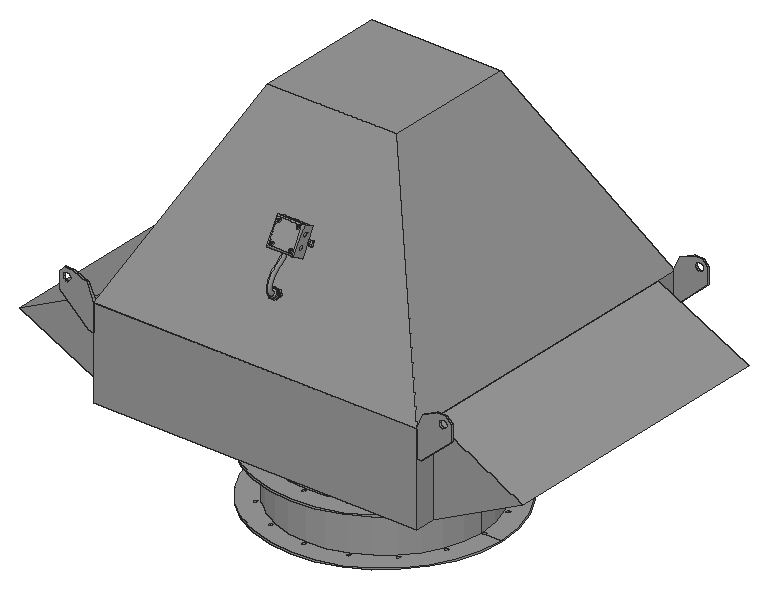
Revit family "VKDV_Eng", category Оборудование, Revit 2021
Family settings
  Размер круглого соединителя = Использовать диаметр
  Классификация = Нет
  Тип детали = Нормальный
  На основе рабочей плоскости = Нет
  Всегда вертикально = Да
  При загрузке вырезать с полостями = Нет
  Общий = Нет
  Точка принадлежности помещению = Нет
Parameters (values of type "VKDV 900-600-7,5/970")
  Width = L3  # 1200 mm
  Weight = 380.00 kg
  Voltage = 400 V  # constant formula
  Pressure_Static_Air [instance] = 0.0 Pa
  Power = 7500 W
  Number of Fase = 3  # constant formula
  Maximum Air Flow = 0.0 m³/h
  Load Classification = "HVAC"
  Length = L1  # 1871 mm
  Height = H  # 1398 mm
  Frequency = 50 Hz  # constant formula
  Diameter = Dy  # 713 mm
  Отметка по умолчанию = 0 mm
  Изготовитель = "Vents"  # constant formula
  n = 16
  l4 = 394 mm
  l333 = L3 / 2  # 600 mm
  l33 = L3 - 150 mm  # 1050 mm
  l3 = L3 / 2 - 0.1 * L3  # 480 mm
  h4 = H - (H - H3) / 2  # 1048.5 mm
  h2 = 248.333 mm
  h1 = H1 / 2  # 181.5 mm
  d1 = 12 mm
  URL = "https://ventilation-system.com/series/vkdv"
  Ry = Dy / 2  # 356.5 mm
  Rn = Dn / 2  # 361.5 mm
  R2 = D2 / 2  # 437 mm
  R1 = D1 / 2  # 375.5 mm
  Maintenance zone material = none
  L3 = 1200 mm
  L1 = 1871 mm
  H4 = H1 + (H3 - H1) / 2  # 531 mm
  H3 = H / 2  # 699 mm
  H1 = 363 mm
  H = 1398 mm
  Dy = 713 mm
  Dn = Dy + 10 mm  # 723 mm
  D2 = 874 mm
  D1 = 751 mm
  Casing Material = Metal, painted, blue, matte RAL 5007
  Amperage = 15.7 A
  Air Flow [instance] = 0.0 m³/h
  09_System_Name [instance] = ""
  00_20_Type = "VKDV 900-600-7,5/970"
  00_20_Name = "Roof-mounted smoke removal fan"  # constant formula
  00_20_Manufacturer = "Vents"  # constant formula
Types (39, lengths in mm): name | Width | Weight | Power | Length | Height | Diameter | n | l4 | l333 | l33 | l3 | h4 | h1 | d1 | Ry | Rn | R2 | R1 | L3 | L1 | H4 | H3 | H1 | H | Dy | Dn | D2 | D1 | Amperage | 00_20_Type
  (no name) | 1200 | 380.00 kg | 7500 W | 1871 | 1398 | 713 | 16 | 394 | 600 | 1050 | 480 | 1048.5 | 181.5 | 12 | 356.5 | 361.5 | 437 | 375.5 | 1200 | 1871 | 531 | 699 | 363 | 1398 | 713 | 723 | 874 | 751 | 15.7 A | "VKDV 900-600-7,5/970"
  VKDV 630-600-1,5/930 | 955 | 200.00 kg | 1500 W | 1424 | 1038 | 503 | 12 | 310 | 477.5 | 805 | 382 | 778.5 | 151 | 10 | 251.5 | 256.5 | 317 | 270.5 | 955 | 1424 | 410.5 | 519 | 302 | 1038 | 503 | 513 | 634 | 541 | 3.7 A | "VKDV 630-600-1,5/930"
  VKDV 1100-600-37/980 | 1430 | 930.00 kg | 37000 W | 2236 | 1773 | 903 | 24 | 474 | 715 | 1280 | 572 | 1329.75 | 220.5 | 12 | 451.5 | 456.5 | 537.5 | 467 | 1430 | 2236 | 663.75 | 886.5 | 441 | 1773 | 903 | 913 | 1075 | 934 | 70 A | "VKDV 1100-600-37/980"
  VKDV 630-600-2,2/940 | 955 | 210.00 kg | 2200 W | 1424 | 1038 | 503 | 12 | 310 | 477.5 | 805 | 382 | 778.5 | 213 | 10 | 251.5 | 256.5 | 317 | 270.5 | 955 | 1424 | 472.5 | 519 | 426 | 1038 | 503 | 513 | 634 | 541 | 5.6 A | "VKDV 630-600-2,2/940"
  VKDV 630-600-3/960 | 955 | 225.00 kg | 3000 W | 1424 | 1043 | 503 | 12 | 310 | 477.5 | 805 | 382 | 782.25 | 153.5 | 10 | 251.5 | 256.5 | 317 | 270.5 | 955 | 1424 | 414.25 | 521.5 | 307 | 1043 | 503 | 513 | 634 | 541 | 7.4 A | "VKDV 630-600-3/960"
  VKDV 630-600-4/1440 | 955 | 216.00 kg | 4000 W | 1424 | 1038 | 503 | 12 | 310 | 477.5 | 805 | 382 | 778.5 | 151 | 10 | 251.5 | 256.5 | 317 | 270.5 | 955 | 1424 | 410.5 | 519 | 302 | 1038 | 503 | 513 | 634 | 541 | 8.8 A | "VKDV 630-600-4/1440"
  VKDV 630-600-5,5/1450 | 955 | 230.00 kg | 5500 W | 1424 | 1043 | 503 | 12 | 310 | 477.5 | 805 | 382 | 782.25 | 153.5 | 10 | 251.5 | 256.5 | 317 | 270.5 | 955 | 1424 | 414.25 | 521.5 | 307 | 1043 | 503 | 513 | 634 | 541 | 11.3 A | "VKDV 630-600-5,5/1450"
  VKDV 630-600-7,5/1440 | 955 | 255.00 kg | 7500 W | 1424 | 1134 | 503 | 12 | 310 | 477.5 | 805 | 382 | 850.5 | 153.5 | 10 | 251.5 | 256.5 | 317 | 270.5 | 955 | 1424 | 437 | 567 | 307 | 1134 | 503 | 513 | 634 | 541 | 15.5 A | "VKDV 630-600-7,5/1440"
  VKDV 710-600-2,2/940 | 1040 | 242.00 kg | 2200 W | 1508 | 1181 | 633 | 16 | 339 | 520 | 890 | 416 | 885.75 | 158.5 | 12 | 316.5 | 321.5 | 365 | 337 | 1040 | 1508 | 453.75 | 590.5 | 317 | 1181 | 633 | 643 | 730 | 674 | 5.3 A | "VKDV 710-600-2,2/940"
  VKDV 710-600-3/960 | 1040 | 252.00 kg | 3000 W | 1508 | 1186 | 633 | 16 | 339 | 520 | 890 | 416 | 889.5 | 161 | 12 | 316.5 | 321.5 | 365 | 337 | 1040 | 1508 | 457.5 | 593 | 322 | 1186 | 633 | 643 | 730 | 674 | 7.4 A | "VKDV 710-600-3/960"
  VKDV 710-600-4/950 | 1040 | 253.00 kg | 4000 W | 1508 | 1186 | 633 | 16 | 339 | 520 | 890 | 416 | 889.5 | 161 | 12 | 316.5 | 321.5 | 365 | 337 | 1040 | 1508 | 457.5 | 593 | 322 | 1186 | 633 | 643 | 730 | 674 | 8.4 A | "VKDV 710-600-4/950"
  VKDV 710-600-5,5/960 | 1040 | 280.00 kg | 5500 W | 1508 | 1186 | 633 | 16 | 339 | 520 | 890 | 416 | 889.5 | 161 | 12 | 316.5 | 321.5 | 365 | 337 | 1040 | 1508 | 457.5 | 593 | 322 | 1186 | 633 | 643 | 730 | 674 | 11.2 A | "VKDV 710-600-5,5/960"
  VKDV 710-600-7,5/1455 | 1040 | 281.00 kg | 7500 W | 1508 | 1186 | 633 | 16 | 339 | 520 | 890 | 416 | 889.5 | 161 | 12 | 316.5 | 321.5 | 365 | 337 | 1040 | 1508 | 457.5 | 593 | 322 | 1186 | 633 | 643 | 730 | 674 | 15.1 A | "VKDV 710-600-7,5/1455"
  VKDV 710-600-11/1460 | 1040 | 292.00 kg | 11000 W | 1508 | 1186 | 633 | 16 | 339 | 520 | 890 | 416 | 889.5 | 161 | 12 | 316.5 | 321.5 | 365 | 337 | 1040 | 1508 | 457.5 | 593 | 322 | 1186 | 633 | 643 | 730 | 674 | 21.2 A | "VKDV 710-600-11/1460"
  VKDV 800-600-4/960 | 1040 | 286.00 kg | 4000 W | 1543 | 1239 | 633 | 16 | 339 | 520 | 890 | 416 | 929.25 | 172.5 | 12 | 316.5 | 321.5 | 392 | 337 | 1040 | 1543 | 482.25 | 619.5 | 345 | 1239 | 633 | 643 | 784 | 674 | 9.2 A | "VKDV 800-600-4/960"
  VKDV 800-600-5,5/950 | 1040 | 305.00 kg | 5500 W | 1543 | 1239 | 633 | 16 | 339 | 520 | 890 | 416 | 929.25 | 172.5 | 12 | 316.5 | 321.5 | 392 | 337 | 1040 | 1543 | 482.25 | 619.5 | 345 | 1239 | 633 | 643 | 784 | 674 | 12.3 A | "VKDV 800-600-5,5/950"
  VKDV 800-600-7,5/970 | 1040 | 312.00 kg | 7500 W | 1543 | 1239 | 633 | 16 | 339 | 520 | 890 | 416 | 929.25 | 172.5 | 12 | 316.5 | 321.5 | 392 | 337 | 1040 | 1543 | 482.25 | 619.5 | 345 | 1239 | 633 | 643 | 784 | 674 | 15.7 A | "VKDV 800-600-7,5/970"
  VKDV 800-600-11/960 | 1040 | 390.00 kg | 11000 W | 1543 | 1335 | 633 | 16 | 338 | 520 | 890 | 416 | 1001.25 | 177.5 | 12 | 316.5 | 321.5 | 392 | 337 | 1040 | 1543 | 511.25 | 667.5 | 355 | 1335 | 633 | 643 | 784 | 674 | 21.2 A | "VKDV 800-600-11/960"
  VKDV 800-600-15/1460 | 1040 | 390.00 kg | 15000 W | 1543 | 1335 | 633 | 16 | 338 | 520 | 890 | 416 | 1001.25 | 177.5 | 12 | 316.5 | 321.5 | 392 | 337 | 1040 | 1543 | 511.25 | 667.5 | 355 | 1335 | 633 | 643 | 784 | 674 | 29.5 A | "VKDV 800-600-15/1460"
  VKDV 800-600-18,5/1470 | 1040 | 395.00 kg | 18500 W | 1543 | 1335 | 633 | 16 | 338 | 520 | 890 | 416 | 1001.25 | 177.5 | 12 | 316.5 | 321.5 | 392 | 337 | 1040 | 1543 | 511.25 | 667.5 | 355 | 1335 | 633 | 643 | 784 | 674 | 36.4 A | "VKDV 800-600-18,5/1470"
  VKDV 900-600-4/720 | 1200 | 376.00 kg | 4000 W | 1871 | 1379 | 713 | 16 | 394 | 600 | 1050 | 480 | 1034.25 | 181.5 | 12 | 356.5 | 361.5 | 437 | 375.5 | 1200 | 1871 | 526.25 | 689.5 | 363 | 1379 | 713 | 723 | 874 | 751 | 10 A | "VKDV 900-600-4/720"
  VKDV 900-600-5,5/960 | 1200 | 376.00 kg | 5500 W | 1871 | 1398 | 713 | 16 | 394 | 600 | 1050 | 480 | 1048.5 | 181.5 | 12 | 356.5 | 361.5 | 437 | 375.5 | 1200 | 1871 | 531 | 699 | 363 | 1398 | 713 | 723 | 874 | 751 | 12.3 A | "VKDV 900-600-5,5/960"
  VKDV 900-600-7,5/970 | 1200 | 380.00 kg | 7500 W | 1871 | 1398 | 713 | 16 | 394 | 600 | 1050 | 480 | 1048.5 | 181.5 | 12 | 356.5 | 361.5 | 437 | 375.5 | 1200 | 1871 | 531 | 699 | 363 | 1398 | 713 | 723 | 874 | 751 | 15.7 A | "VKDV 900-600-7,5/970"
  VKDV 900-600-11/970 | 1200 | 418.00 kg | 11000 W | 1871 | 1398 | 713 | 16 | 394 | 600 | 1050 | 480 | 1048.5 | 186 | 12 | 356.5 | 361.5 | 437 | 375.5 | 1200 | 1871 | 535.5 | 699 | 372 | 1398 | 713 | 723 | 874 | 751 | 23 A | "VKDV 900-600-11/970"
  VKDV 900-600-15/960 | 1200 | 433.00 kg | 15000 W | 1871 | 1398 | 713 | 16 | 394 | 600 | 1050 | 480 | 1048.5 | 186 | 12 | 356.5 | 361.5 | 437 | 375.5 | 1200 | 1871 | 535.5 | 699 | 372 | 1398 | 713 | 723 | 874 | 751 | 31 A | "VKDV 900-600-15/960"
  VKDV 900-600-18,5/960 | 1200 | 482.00 kg | 18500 W | 1871 | 1491 | 713 | 16 | 394 | 600 | 1050 | 480 | 1118.25 | 186 | 12 | 356.5 | 361.5 | 437 | 375.5 | 1200 | 1871 | 558.75 | 745.5 | 372 | 1491 | 713 | 723 | 874 | 751 | 36.4 A | "VKDV 900-600-18,5/960"
  VKDV 900-600-22/960 | 1200 | 566.00 kg | 22000 W | 1871 | 1565 | 713 | 16 | 394 | 600 | 1050 | 480 | 1173.75 | 186 | 12 | 356.5 | 361.5 | 437 | 375.5 | 1200 | 1871 | 577.25 | 782.5 | 372 | 1565 | 713 | 723 | 874 | 751 | 44 A | "VKDV 900-600-22/960"
  VKDV 1000-600-5,5/720 | 1430 | 467.00 kg | 5500 W | 2111 | 1365 | 803 | 24 | 473 | 715 | 1280 | 572 | 1023.75 | 199 | 12 | 401.5 | 406.5 | 487 | 418.5 | 1430 | 2111 | 540.25 | 682.5 | 398 | 1365 | 803 | 813 | 974 | 837 | 13.6 A | "VKDV 1000-600-5,5/720"
  VKDV 1000-600-7,5/730 | 1430 | 588.00 kg | 7500 W | 2111 | 1573 | 803 | 24 | 476 | 715 | 1280 | 572 | 1179.75 | 201.5 | 12 | 401.5 | 406.5 | 487 | 418.5 | 1430 | 2111 | 594.75 | 786.5 | 403 | 1573 | 803 | 813 | 974 | 837 | 18 A | "VKDV 1000-600-7,5/730"
  VKDV 1000-600-11/970 | 1430 | 590.00 kg | 11000 W | 2111 | 1573 | 803 | 24 | 476 | 715 | 1280 | 572 | 1179.75 | 201.5 | 12 | 401.5 | 406.5 | 487 | 418.5 | 1430 | 2111 | 594.75 | 786.5 | 403 | 1573 | 803 | 813 | 974 | 837 | 23 A | "VKDV 1000-600-11/970"
  VKDV 1000-600-15/970 | 1430 | 595.00 kg | 15000 W | 2111 | 1573 | 803 | 24 | 476 | 715 | 1280 | 572 | 1179.75 | 201.5 | 12 | 401.5 | 406.5 | 487 | 418.5 | 1430 | 2111 | 594.75 | 786.5 | 403 | 1573 | 803 | 813 | 974 | 837 | 31 A | "VKDV 1000-600-15/970"
  VKDV 1000-600-18,5/970 | 1430 | 639.00 kg | 18500 W | 2111 | 1573 | 803 | 24 | 476 | 715 | 1280 | 572 | 1179.75 | 201.5 | 12 | 401.5 | 406.5 | 487 | 418.5 | 1430 | 2111 | 594.75 | 786.5 | 403 | 1573 | 803 | 813 | 974 | 837 | 36.5 A | "VKDV 1000-600-18,5/970"
  VKDV 1000-600-22/970 | 1430 | 670.00 kg | 22000 W | 2111 | 1573 | 803 | 24 | 476 | 715 | 1280 | 572 | 1179.75 | 201.5 | 12 | 401.5 | 406.5 | 487 | 418.5 | 1430 | 2111 | 594.75 | 786.5 | 403 | 1573 | 803 | 813 | 974 | 837 | 44.6 A | "VKDV 1000-600-22/970"
  VKDV 1000-600-30/970 | 1430 | 690.00 kg | 30000 W | 2111 | 1573 | 803 | 24 | 476 | 715 | 1280 | 572 | 1179.75 | 201.5 | 12 | 401.5 | 406.5 | 487 | 418.5 | 1430 | 2111 | 594.75 | 786.5 | 403 | 1573 | 803 | 813 | 974 | 837 | 59.6 A | "VKDV 1000-600-30/970"
  VKDV 1100-600-11/730 | 1430 | 720.00 kg | 11000 W | 2236 | 1721 | 903 | 24 | 474 | 715 | 1280 | 572 | 1290.75 | 220.5 | 12 | 451.5 | 456.5 | 537.5 | 467 | 1430 | 2236 | 650.75 | 860.5 | 441 | 1721 | 903 | 913 | 1075 | 934 | 25.1 A | "VKDV 1100-600-11/730"
  VKDV 1100-600-15/730 | 1430 | 775.00 kg | 15000 W | 2236 | 1721 | 903 | 24 | 474 | 715 | 1280 | 572 | 1290.75 | 220.5 | 12 | 451.5 | 456.5 | 537.5 | 467 | 1430 | 2236 | 650.75 | 860.5 | 441 | 1721 | 903 | 913 | 1075 | 934 | 32.3 A | "VKDV 1100-600-15/730"
  VKDV 1100-600-18,5/970 | 1430 | 763.00 kg | 18500 W | 2236 | 1721 | 903 | 24 | 474 | 715 | 1280 | 572 | 1290.75 | 220.5 | 12 | 451.5 | 456.5 | 537.5 | 467 | 1430 | 2236 | 650.75 | 860.5 | 441 | 1721 | 903 | 913 | 1075 | 934 | 36.5 A | "VKDV 1100-600-18,5/970"
  VKDV 1100-600-22/970 | 1430 | 794.00 kg | 22000 W | 2236 | 1721 | 903 | 24 | 474 | 715 | 1280 | 572 | 1290.75 | 220.5 | 12 | 451.5 | 456.5 | 537.5 | 467 | 1430 | 2236 | 650.75 | 860.5 | 441 | 1721 | 903 | 913 | 1075 | 934 | 44.6 A | "VKDV 1100-600-22/970"
  VKDV 1100-600-30/970 | 1430 | 812.00 kg | 30000 W | 2236 | 1721 | 903 | 24 | 474 | 715 | 1280 | 572 | 1290.75 | 220.5 | 12 | 451.5 | 456.5 | 537.5 | 467 | 1430 | 2236 | 650.75 | 860.5 | 441 | 1721 | 903 | 913 | 1075 | 934 | 59.6 A | "VKDV 1100-600-30/970"
Reference planes
  plane 1 "По центру (Вперед/Назад)": y = 0
  plane 2: z = 0
  plane 3 "По центру (Влево/Вправо)": x = 0
Forms (mm)
  Revolve 1, solid, material "Metal, painted, blue, matte RAL 5007" <- "Casing Material"
    sketch origin (0, 0, 0) x (1, 0, 0) y (0, 0, 1)
      loop
        line (356.5, 0) -> (437, 0) -> (437, 5) -> (361.5, 5) -> (361.5, 176.5) -> (437, 176.5) -> (437, 181.5) -> (361.5, 181.5) -> (361.5, 358) -> (437, 358) -> (437, 363) -> (356.5, 363) -> (356.5, 0)
      axis (0, 363) -> (0, 0)
    angle from 0 to 360
  Extrusion 2, void
    sketch origin (0, -127.601, 0) x (1, 0, 0) y (0, 1, 0)
      loop
        circle (0, 503.101) r 6
    from 0 to 363 <- "H1"
  Extrusion 3, void
    sketch origin (-48.831, -117.888, 0) x (0.92388, -0.382683, 0) y (0.382683, 0.92388, 0)
      loop
        circle (0, 503.101) r 6
    from 0 to 363 <- "H1"
  Extrusion 4, void
    sketch origin (48.831, -117.888, 0) x (0.92388, 0.382683, 0) y (-0.382683, 0.92388, 0)
      loop
        circle (0, 503.101) r 6
    from 0 to 363 <- "H1"
  Extrusion 5, void
    sketch origin (90.228, -90.228, 0) x (0.707107, 0.707107, 0) y (-0.707107, 0.707107, 0)
      loop
        circle (0, 503.101) r 6
    from 0 to 363 <- "H1"
  Extrusion 6, void
    sketch origin (117.888, -48.831, 0) x (0.382683, 0.92388, 0) y (-0.92388, 0.382683, 0)
      loop
        circle (0, 503.101) r 6
    from 0 to 363 <- "H1"
  Extrusion 7, void
    sketch origin (127.601, 0, 0) x (0, 1, 0) y (-1, 0, 0)
      loop
        circle (0, 503.101) r 6
    from 0 to 363 <- "H1"
  Extrusion 8, void
    sketch origin (117.888, 48.831, 0) x (-0.382683, 0.92388, 0) y (-0.92388, -0.382683, 0)
      loop
        circle (0, 503.101) r 6
    from 0 to 363 <- "H1"
  Extrusion 9, void
    sketch origin (90.228, 90.228, 0) x (-0.707107, 0.707107, 0) y (-0.707107, -0.707107, 0)
      loop
        circle (0, 503.101) r 6
    from 0 to 363 <- "H1"
  Extrusion 10, void
    sketch origin (48.831, 117.888, 0) x (-0.92388, 0.382683, 0) y (-0.382683, -0.92388, 0)
      loop
        circle (0, 503.101) r 6
    from 0 to 363 <- "H1"
  Extrusion 11, void
    sketch origin (0, 127.601, 0) x (-1, 0, 0) y (0, -1, 0)
      loop
        circle (0, 503.101) r 6
    from 0 to 363 <- "H1"
  Extrusion 12, void
    sketch origin (-48.831, 117.888, 0) x (-0.92388, -0.382683, 0) y (0.382683, -0.92388, 0)
      loop
        circle (0, 503.101) r 6
    from 0 to 363 <- "H1"
  Extrusion 13, void
    sketch origin (-90.228, 90.228, 0) x (-0.707107, -0.707107, 0) y (0.707107, -0.707107, 0)
      loop
        circle (0, 503.101) r 6
    from 0 to 363 <- "H1"
  Extrusion 14, solid, material "Metal, painted, blue, matte RAL 5007" <- "Casing Material"
    sketch origin (0, 0, 0) x (1, 0, 0) y (0, 1, 0)
      loop
        line (-600, 600) -> (-600, -600) -> (600, -600) -> (600, 600) -> (-600, 600)
    from 363 <- "H1" to 699 <- "H3"
  Blend 15, solid, material "Metal, painted, blue, matte RAL 5007" <- "Casing Material"
    base sketch origin (0, 0, 0) x (1, 0, 0) y (0, 1, 0)
      loop
        line (-600, 600) -> (-600, -600) -> (600, -600) -> (600, 600) -> (-600, 600)
    top sketch origin (0, 0, 0) x (1, 0, 0) y (0, 1, 0)
      loop
        line (-240, 240) -> (-240, -240) -> (240, -240) -> (240, 240) -> (-240, 240)
    from 699 <- "H3" to 1398 <- "H"
  Extrusion 16, solid, material "Metal, painted, blue, matte RAL 5007" <- "Casing Material"
    sketch origin (0, 0, 0) x (1, 0, 0) y (0, 0, 1)
      loop
        line (600, 363) -> (935.5, 531) -> (600, 699) -> (600, 363)
      loop
        line (-600, 363) -> (-600, 699) -> (-935.5, 531) -> (-600, 363)
    from -525 to 525
  Extrusion 17, void
    sketch origin (-117.888, 48.831, 0) x (-0.382683, -0.92388, 0) y (0.92388, -0.382683, 0)
      loop
        circle (0, 503.101) r 6
    from 0 to 363 <- "H1"
  Extrusion 18, void
    sketch origin (-127.601, 0, 0) x (0, -1, 0) y (1, 0, 0)
      loop
        circle (0, 503.101) r 6
    from 0 to 363 <- "H1"
  Extrusion 19, void
    sketch origin (-117.888, -48.831, 0) x (0.382683, -0.92388, 0) y (0.92388, 0.382683, 0)
      loop
        circle (0, 503.101) r 6
    from 0 to 363 <- "H1"
  Extrusion 20, void
    sketch origin (-90.228, -90.228, 0) x (0.707107, -0.707107, 0) y (0.707107, 0.707107, 0)
      loop
        circle (0, 503.101) r 6
    from 0 to 363 <- "H1"
Cuts and joins
  Extrusion 2, Extrusion 3, Extrusion 4, Extrusion 5, Extrusion 6, Extrusion 7, Extrusion 8, Extrusion 9, Extrusion 10, Extrusion 11, Extrusion 12, Extrusion 13, Extrusion 17, Extrusion 18, Extrusion 19, Extrusion 20 cuts Revolve 1
  Extrusion 17 cuts Extrusion 14
Dimensions and locks
  Revolve 1 sketch curve to Revolve 1 sketch curve = 5 mm  (x3)
  "R2": Revolve 1 sketch curve to plane 3 "По центру (Влево/Вправо)"  (x3)
  "H1": level to Revolve 1 sketch curve
  "Ry": Revolve 1 sketch curve to plane 3 "По центру (Влево/Вправо)"
  "Rn": plane 3 "По центру (Влево/Вправо)" to Revolve 1 sketch curve  (x2)
  "h1": Revolve 1 sketch curve to Revolve 1 sketch curve
  equal spacing: Extrusion 14 sketch curve, plane 1 "По центру (Вперед/Назад)", Extrusion 14 sketch curve
  "L3": Extrusion 14 sketch curve to Extrusion 14 sketch curve  (x2)
  equal spacing: Extrusion 14 sketch curve, plane 3 "По центру (Влево/Вправо)", Extrusion 14 sketch curve
  equal spacing: Blend 15 sketch curve, plane 3 "По центру (Влево/Вправо)", Blend 15 sketch curve  (x2)
  "L3": Blend 15 sketch curve to Blend 15 sketch curve  (x2)
  equal spacing: Blend 15 sketch curve, plane 1 "По центру (Вперед/Назад)", Blend 15 sketch curve  (x2)
  "l3": Blend 15 sketch curve to Blend 15 sketch curve  (x2)
  equal spacing: Extrusion 16 sketch curve, plane 3 "По центру (Влево/Вправо)", Extrusion 16 sketch curve  (x2)
  "H3": Extrusion 16 sketch curve to level  (x2)
  "H1": Extrusion 16 sketch curve to level  (x2)
  "L3": Extrusion 16 sketch curve to Extrusion 16 sketch curve
  "H4": Extrusion 16 sketch curve to level  (x2)
  "L1": Extrusion 16 sketch curve to Extrusion 16 sketch curve
  equal spacing: Extrusion 16, plane 1 "По центру (Вперед/Назад)", Extrusion 16
  "l33": Extrusion 16 to Extrusion 16
  "l4": plane 1 "По центру (Вперед/Назад)" to nested 1
  "l333": plane 1 "По центру (Вперед/Назад)" to nested 2
  "l333": nested 3 to plane 1 "По центру (Вперед/Назад)"
  "l333": nested 4 to plane 1 "По центру (Вперед/Назад)"
  "l333": nested 5 to plane 1 "По центру (Вперед/Назад)"
  "l333": plane 3 "По центру (Влево/Вправо)" to nested 2
  "l333": nested 4 to plane 3 "По центру (Влево/Вправо)"
  "l333": plane 3 "По центру (Влево/Вправо)" to nested 3
  "l333": nested 5 to plane 3 "По центру (Влево/Вправо)"
  "d1": diameter of Extrusion 2 sketch curve
  "d1": diameter of Extrusion 3 sketch curve
  "d1": diameter of Extrusion 4 sketch curve
  "d1": diameter of Extrusion 5 sketch curve
  "d1": diameter of Extrusion 6 sketch curve
  "d1": diameter of Extrusion 7 sketch curve
  "d1": diameter of Extrusion 8 sketch curve
  "d1": diameter of Extrusion 9 sketch curve
  "d1": diameter of Extrusion 10 sketch curve
  "d1": diameter of Extrusion 11 sketch curve
  "d1": diameter of Extrusion 12 sketch curve
  "d1": diameter of Extrusion 13 sketch curve
  "R1": radius of radial array
  "d1": diameter of Extrusion 17 sketch curve
  "d1": diameter of Extrusion 18 sketch curve
  "d1": diameter of Extrusion 19 sketch curve
  "d1": diameter of Extrusion 20 sketch curve
  aligned and locked: level to plane 2
Automatic sketch dimensions
  Revolve 1 sketch curve to plane 3 "По центру (Влево/Вправо)" = 0 mm
  Revolve 1 sketch curve to level = 0 mm
  level to Revolve 1 sketch curve = 241 mm
  Revolve 1 sketch curve to Revolve 1 sketch curve = 260 mm
Nested families
  nested 1: "Сonnector" at (0, -418.164, 1048.5) x (0, -0.4833, -0.8755) z (0, -0.8755, 0.4833), built-in parameter 1001360 <- "h4", type "100х100"
  nested 2: "mounting ear" at (600, 600, 699), built-in parameter 1001360 <- "H3", type "mounting ear"
  nested 3: "mounting ear" at (600, -600, 699), built-in parameter 1001360 <- "H3", type "mounting ear"
  nested 4: "mounting ear" at (-600, 600, 699) x (-1, 0, 0) z (0, 0, 1), built-in parameter 1001360 <- "H3", type "mounting ear"
  nested 5: "mounting ear" at (-600, -600, 699) x (-1, 0, 0) z (0, 0, 1), built-in parameter 1001360 <- "H3", type "mounting ear"
Connectors
  electrical at (0, -418.303, 1099.978), driven by "Voltage"
    settings: on nested 1, index 1, voltage 400 V, apparent load 0 VA, apparent load phase1 0 VA, apparent load phase2 0 VA, apparent load phase3 0 VA, power factor 1, load classification "Двигатель", number of poles 1, system type 30, power factor state 1, is connector primary yes, connector utility no, sub classification motor no, connector description ""
Definition of nested family "Сonnector"
  Parameters (values of type "100х100")
    Ш1 = Ш / 2 - 15 mm  # 35 mm
    Ш = 100 mm
    Default Elevation = 0 mm
    Д1 = Д / 2 - 15 mm  # 35 mm
    Д = 100 mm
    h = H / 2  # 25 mm
    H = 50 mm
  Types (3, lengths in mm): name | Ш1 | Ш | Д1 | Д
    100х100 | 35 | 100 | 35 | 100
    200Х200 | 85 | 200 | 85 | 200
    Клемная коробка | 35 | 100 | 35 | 100
  Reference planes
    plane 1 "По центру (Вперед/Назад)": y = 0
    plane 2: z = 0
    plane 3 "По центру (Влево/Вправо)": x = 0
  Forms (mm)
    Extrusion 1, solid
      sketch origin (0, 0, 0) x (1, 0, 0) y (0, 1, 0)
        loop
          line (-50, 50) -> (-50, -50) -> (50, -50) -> (50, 50) -> (-50, 50)
      from 0 to 50 <- "H"
    Sweep 2, void
      path in 3D
        loop
          line (-50, 50, 50) -> (-50, -50, 50) -> (50, -50, 50) -> (50, 50, 50) -> (-50, 50, 50)
      profile origin (0, 50, 50) x (0, -1, 0) y (0, 0, 1)
        loop
          line (5, 0) -> (0, 0) -> (0, -5)
          arc (0, -5) -> (1.464, -1.464) -> (5, 0) r 5
    Extrusion 3, solid
      sketch origin (0, 0, 0) x (1, 0, 0) y (0, 1, 0)
        loop
          line (10, 50) -> (10, 67.359)
          arc (10, 67.359) -> (9.227, 69.227) -> (7.359, 70) r 2.641
          line (7.359, 70) -> (-7.359, 70)
          arc (-7.359, 70) -> (-9.227, 69.227) -> (-10, 67.359) r 2.641
          line (-10, 67.359) -> (-10, 50) -> (10, 50)
        loop
          circle (0, 60.711) r 4
        loop
          line (10, -50) -> (-10, -50) -> (-10, -67.359)
          arc (-10, -67.359) -> (-9.227, -69.227) -> (-7.359, -70) r 2.641
          line (-7.359, -70) -> (7.359, -70)
          arc (7.359, -70) -> (9.227, -69.227) -> (10, -67.359) r 2.641
          line (10, -67.359) -> (10, -50)
        loop
          circle (0, -60.711) r 4
      from 0 to 4
    Extrusion 4, void
      sketch origin (0, 0, 0) x (0, 1, 0) y (0, 0, 1)
        loop
          circle (0, 25) r 10
      from -50 to -45
    Extrusion 5, void
      sketch origin (0, 0, 0) x (0, 1, 0) y (0, 0, 1)
        loop
          circle (0, 25) r 10
      from 45 to 50
    Extrusion 6, void
      sketch origin (0, 0, 0) x (1, 0, 0) y (0, 0, 1)
        loop
          circle (20, 25) r 10
        loop
          circle (-20, 25) r 10
      from 45 to 50
    Extrusion 7, void
      sketch origin (0, 0, 0) x (1, 0, 0) y (0, 0, 1)
        loop
          circle (20, 25) r 10
        loop
          circle (-20, 25) r 10
      from -50 to -45
    Extrusion 8, solid
      sketch origin (45, 0, 0) x (-1, 0, 0) y (0, -1, 0)
        loop
          line (-129.783, -18.872) -> (-113.44, -9.436) -> (-113.44, 9.436) -> (-129.783, 18.872) -> (-146.127, 9.436) -> (-146.127, -9.436) -> (-129.783, -18.872)
      from 0 to 3
    Extrusion 9, solid
      sketch origin (45, 0, 0) x (-1, 0, 0) y (0, -1, 0)
        loop
          circle (-129.783, 0) r 14
      from 3 to 13
    Extrusion 10, solid
      sketch origin (45, 0, 13) x (-1, 0, 0) y (0, -1, 0)
        loop
          line (-129.783, -18.872) -> (-113.44, -9.436) -> (-113.44, 9.436) -> (-129.783, 18.872) -> (-146.127, 9.436) -> (-146.127, -9.436) -> (-129.783, -18.872)
      from 0 to 3
    Revolve 11, solid
      sketch origin (45, 0, 0) x (-1, 0, 0) y (0, 0, -1)
        loop
          line (-115.783, -16) -> (-129.783, -16) -> (-129.783, -25.366) -> (-118.718, -25.366)
          arc (-118.718, -25.366) -> (-116.643, -24.506) -> (-115.783, -22.431) r 2.935
          line (-115.783, -22.431) -> (-115.783, -16)
        axis (-129.783, -25.366) -> (-129.783, -16)
      angle from 0 to 360
    Sweep 12, solid
      path origin (0, 0, 0) x (-1, 0, 0) y (0, 0, -1)
        loop
          spline (-45, -25) -> (-66.738, -26.283) -> (-76.699, -29.829) -> (-87.953, -34.878) -> (-98.787, -40.179) -> (-108.223, -44.81) -> (-116.904, -48.152) -> (-126.115, -49.899) -> (-137.12, -50.038) -> (-148.312, -49.304) -> (-158.116, -47.658) -> (-168.391, -41.916) -> (-174.75, -25.25)
      profile origin (116.904, 0, 48.152) x (-0.283636, 0, 0.958932) y (0, -1, 0)
        loop
          circle (0, 0) r 7.222
  Cuts and joins
    Sweep 2, Extrusion 4, Extrusion 5, Extrusion 6, Extrusion 7 cuts Extrusion 1
  Lines and regions (mm)
    sketch lines
      curve 1: line (50, 50, 50) -> (-50, 50, 50)
      curve 2: line (50, -50, 50) -> (50, 50, 50)
      curve 3: line (-50, -50, 50) -> (50, -50, 50)
      curve 4: line (-50, 50, 50) -> (-50, -50, 50)
  Dimensions and locks
    "Д": Extrusion 1 sketch curve to Extrusion 1 sketch curve
    "Ш": Extrusion 1 sketch curve to Extrusion 1 sketch curve
    equal spacing: Extrusion 1 sketch curve, plane 3 "По центру (Влево/Вправо)", Extrusion 1 sketch curve
    equal spacing: Extrusion 1 sketch curve, plane 1 "По центру (Вперед/Назад)", Extrusion 1 sketch curve
    "Д1": nested 2 to plane 3 "По центру (Влево/Вправо)"
    "Д1": plane 3 "По центру (Влево/Вправо)" to nested 1
    "Д1": nested 4 to plane 3 "По центру (Влево/Вправо)"
    "Д1": plane 3 "По центру (Влево/Вправо)" to nested 3
    "Ш1": nested 3 to plane 1 "По центру (Вперед/Назад)"
    "Ш1": plane 1 "По центру (Вперед/Назад)" to nested 1
    "Ш1": nested 4 to plane 1 "По центру (Вперед/Назад)"
    "Ш1": plane 1 "По центру (Вперед/Назад)" to nested 2
    Extrusion 3 sketch curve to Extrusion 3 sketch curve = 20 mm  (x3)
    equal spacing: Extrusion 3 sketch curve, plane 1 "По центру (Вперед/Назад)", Extrusion 3 sketch curve
    "Ш": Extrusion 3 sketch curve to Extrusion 3 sketch curve
    "h": Extrusion 4 sketch curve to level
    "h": Extrusion 5 sketch curve to level
    "h": level to Extrusion 6 sketch curve  (x2)
    plane 3 "По центру (Влево/Вправо)" to Extrusion 6 sketch curve = 20 mm
    Extrusion 6 sketch curve to plane 3 "По центру (Влево/Вправо)" = 20 mm
    "h": level to Extrusion 7 sketch curve  (x2)
    Extrusion 7 sketch curve to plane 3 "По центру (Влево/Вправо)" = 20 mm
    plane 3 "По центру (Влево/Вправо)" to Extrusion 7 sketch curve = 20 mm
    radius of Extrusion 7 sketch curve = 10 mm
    aligned and locked: level to plane 2
    aligned and locked: Extrusion 1 to Extrusion 4
    aligned and locked: Sweep 2 to Extrusion 4
    aligned and locked: Extrusion 1 to Extrusion 5
    aligned and locked: Sweep 2 to Extrusion 5
    aligned and locked: Extrusion 1 to Extrusion 6
    aligned and locked: Sweep 2 to Extrusion 6
    aligned and locked: Extrusion 1 to Extrusion 7
    aligned and locked: Extrusion 7 to Sweep 2
  Automatic sketch dimensions
    Sweep 2 sketch curve to profile plane = 0 mm  (x2)
    Sweep 2 sketch curve to profile plane = 5 mm
    Extrusion 8 sketch curve to plane 1 "По центру (Вперед/Назад)" = 9.436 mm  (x2)
    plane 3 "По центру (Влево/Вправо)" to Extrusion 8 sketch curve = 191.127 mm
    Extrusion 8 sketch curve to plane 1 "По центру (Вперед/Назад)" = 18.872 mm
    Extrusion 8 sketch curve to Extrusion 8 sketch curve = 16.344 mm  (x3)
    plane 1 "По центру (Вперед/Назад)" to Extrusion 8 sketch curve = 18.872 mm
    plane 1 "По центру (Вперед/Назад)" to Extrusion 8 sketch curve = 9.436 mm  (x2)
    plane 1 "По центру (Вперед/Назад)" to Extrusion 9 sketch curve = 0 mm
    plane 3 "По центру (Влево/Вправо)" to Extrusion 9 sketch curve = 174.783 mm
    Extrusion 10 sketch curve to plane 1 "По центру (Вперед/Назад)" = 9.436 mm  (x2)
    plane 3 "По центру (Влево/Вправо)" to Extrusion 10 sketch curve = 191.127 mm
    Extrusion 10 sketch curve to plane 1 "По центру (Вперед/Назад)" = 18.872 mm
    Extrusion 10 sketch curve to Extrusion 10 sketch curve = 16.344 mm  (x3)
    plane 1 "По центру (Вперед/Назад)" to Extrusion 10 sketch curve = 18.872 mm
    plane 1 "По центру (Вперед/Назад)" to Extrusion 10 sketch curve = 9.436 mm  (x2)
    level to Revolve 11 sketch curve = 25.366 mm
    plane 3 "По центру (Влево/Вправо)" to Revolve 11 sketch curve = 174.783 mm
    Revolve 11 sketch curve to Revolve 11 sketch curve = 11.065 mm
    Revolve 11 sketch curve to Revolve 11 sketch curve = 2.935 mm
    Revolve 11 sketch curve to Revolve 11 sketch curve = 6.431 mm
    Revolve 11 sketch curve to Revolve 11 sketch curve = 0 mm  (x2)
    Revolve 11 sketch curve to Revolve 11 sketch curve = 1.484 mm
    level to Sweep 12 sketch curve = 25.25 mm
    plane 3 "По центру (Влево/Вправо)" to Sweep 12 sketch curve = 174.75 mm
    plane 3 "По центру (Влево/Вправо)" to Sweep 12 sketch curve = 45 mm
    level to Sweep 12 sketch curve = 25 mm
    plane 1 "По центру (Вперед/Назад)" to Sweep 12 sketch curve = 0 mm
    Sweep 12 sketch curve to profile plane = 0 mm
    Extrusion 3 sketch curve to plane 3 "По центру (Влево/Вправо)" = 0 mm  (x2)
    Extrusion 3 sketch curve to plane 3 "По центру (Влево/Вправо)" = 7.359 mm  (x2)
    Extrusion 3 sketch curve to plane 3 "По центру (Влево/Вправо)" = 10 mm  (x2)
    plane 3 "По центру (Влево/Вправо)" to Extrusion 3 sketch curve = 7.359 mm
    Extrusion 3 sketch curve to Extrusion 3 sketch curve = 2.641 mm  (x2)
    Extrusion 3 sketch curve to Extrusion 3 sketch curve = 6.648 mm  (x2)
    Extrusion 4 sketch curve to plane 1 "По центру (Вперед/Назад)" = 0 mm
    Extrusion 5 sketch curve to plane 1 "По центру (Вперед/Назад)" = 0 mm
    radius of Extrusion 9 sketch curve = 14 mm
    radius of Sweep 12 sketch curve = 7.222 mm
    radius of Extrusion 3 sketch curve = 4 mm  (x2)
    radius of Extrusion 4 sketch curve = 10 mm
    radius of Extrusion 5 sketch curve = 10 mm
    radius of Extrusion 6 sketch curve = 10 mm  (x2)
    radius of Extrusion 7 sketch curve = 10 mm
  Nested families
    nested 1: "Винт" at (35, 35, 50), built-in parameter 1001364 <- "H", type "Винт"
    nested 2: "Винт" at (-35, 35, 50), built-in parameter 1001364 <- "H", type "Винт"
    nested 3: "Винт" at (35, -35, 50), built-in parameter 1001364 <- "H", type "Винт"
    nested 4: "Винт" at (-35, -35, 50), built-in parameter 1001364 <- "H", type "Винт"
  Definition of nested family "Винт"
    Parameters (values of type "Винт")
      Default Elevation = 0 mm
    Reference planes
      plane 1 "По центру (Вперед/Назад)": y = 0
      plane 2: z = 0
      plane 3 "По центру (Влево/Вправо)": x = 0
    Forms (mm)
      Revolve 1, solid
        sketch origin (0, 0, 0) x (1, 0, 0) y (0, 0, 1)
          loop
            line (0, -20) -> (2.5, -20) -> (2.5, 0) -> (5, 0) -> (5, 0.988)
            arc (5, 0.988) -> (2.589, 1.966) -> (0, 2.235) r 9.254
            line (0, 2.235) -> (0, -20)
          axis (0, 2.235) -> (0, -20)
        angle from 0 to 360
      Extrusion 2, void
        sketch origin (0, -0.137, 0) x (1, 0, 0) y (0, 1, 0)
          loop
            line (-0.439, -5.142) -> (0.455, -5.142) -> (0.455, -0.343) -> (5.265, -0.343) -> (5.265, 0.594) -> (0.455, 0.594) -> (0.455, 5.38) -> (-0.439, 5.38) -> (-0.439, 0.594) -> (-5.291, 0.594) -> (-5.291, -0.343) -> (-0.439, -0.343) -> (-0.439, -5.142)
        from 0.988 to 3.071
    Cuts and joins
      Extrusion 2 cuts Revolve 1
    Dimensions and locks
      aligned and locked: level to plane 2
      aligned and locked: Extrusion 2 to Revolve 1
Definition of nested family "mounting ear"
  Parameters (values of type "Монтажное ухо")
    Default Elevation = 0 mm
    h2 = 248.333 mm
    h1 = 213 mm
    Casing Material = none
  Reference planes
    plane 1 "По центру (Вперед/Назад)": y = 0
    plane 2: z = 0
    plane 3 "По центру (Влево/Вправо)": x = 0
  Forms (mm)
    Extrusion 1, solid, material <- "Casing Material"
      sketch origin (0, 0, 0) x (1, 0, 0) y (0, 0, 1)
        loop
          line (110, 80) -> (75, 80) -> (25.153, 56.756) -> (0, 0) -> (0, -100) -> (20, -100) -> (130, 0) -> (130, 60) -> (110, 80)
        loop
          circle (100, 50) r 15
      from 0 to 5
  Dimensions and locks
    aligned and locked: level to plane 2
